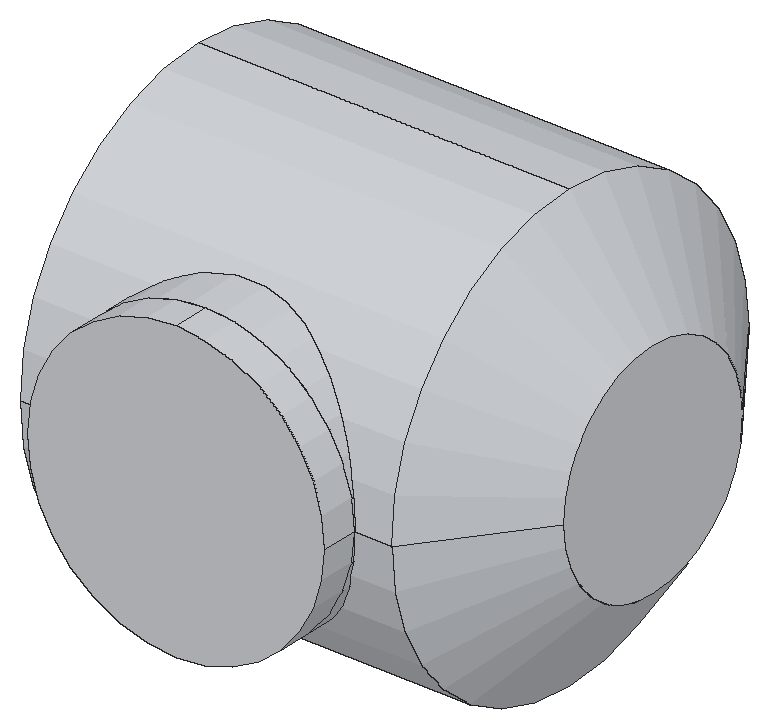
Revit family "M_T redondo com transição - Bullhead", category Conexões de duto, Revit 2019
Family settings
  Cota do conector redondo = Usar raio
  Tipo de parte = Tê
  Número OmniClass = 23.75.70.14
  Título OmniClass = Air Ductwork
  ID de item do Seek = Round Tee with Transition - Bullhead-0000-CAN-ENU
  Com base no plano de trabalho = Não
  Sempre na vertical = Sim
  Corte com vazios quando carregada = Não
  Compartilhado = Não
Parameters (values of type "Padrão")
  Raio do meio [instance] = Raio do duto 3 - abs(Diâmetro do duto 3 / 2 - Raio do meio 1) / Comprimento 1 * Raio da base do duto  # 100 mm
  Raio do meio 2 [instance] = Diâmetro do duto 3 / 2 - abs(Diâmetro do duto 3 / 2 - Raio do meio 1) / Comprimento 1 * Comprimento 2  # 100 mm
  Comprimento 2 [instance] = Raio da base do duto  # 150 mm
  Comprimento 1 [instance] = Raio da base do duto  # 150 mm
  Raio do meio 1 [instance] = if(Diâmetro da base do duto / 2 > Diâmetro do duto 3 / 2, Diâmetro do duto 3 / 2, Diâmetro da base do duto / 2)  # 100 mm
  Raio do duto 3 [instance] = 100 mm
  Raio do duto 2 [instance] = 75 mm
  Raio do duto 1 [instance] = 50 mm
  Comprimento do duto 3 [instance] = Diâmetro da base do duto / 2 + 25 mm  # 175 mm
  Comprimento [instance] = abs(2 * (Raio do duto 1 - Raio do duto 2)) + 6 mm  # 56 mm
  Comprimento do duto 1 [instance] = Diâmetro do duto 3 / 2 + 25 mm  # 125 mm
  Diâmetro do duto 3 [instance] = 2 * Raio do duto 3  # 200 mm
  Diâmetro do duto 2 [instance] = 2 * Raio do duto 2  # 150 mm
  Diâmetro do duto 1 [instance] = 2 * Raio do duto 1  # 100 mm
  Raio da base do duto [instance] = 150 mm
  Diâmetro da base do duto [instance] = 2 * Raio da base do duto  # 300 mm
Reference planes
  plane 1 "Centro (Frente/Trás)": y = 0
  plane 2: z = 0
  plane 3 "Centro (Esquerda/Direita)": x = 0
  plane 4: x = -125
  plane 5: x = 125
  plane 6: y = -175
  plane 7: x = 181
  plane 8: x = -181
  plane 9: y = -150
  plane 10: y = -150
  plane 11: y = -150
Forms (mm)
  Sweep 1, solid, detail levels medium+fine
    path in 3D
      loop
        line (-125, 0, 0) -> (125, 0, 0)
    profile "M_Duto - Redondo : Duto - Base redonda" origin (0, 0, 0) x (0, 1, 0) y (0, 0, 1)
      loop
        arc (-150, 0) -> (-106.066, -106.066) -> (0, -150) r 150
        arc (0, -150) -> (106.066, -106.066) -> (150, 0) r 150
        arc (150, 0) -> (106.066, 106.066) -> (0, 150) r 150
        arc (0, 150) -> (-106.066, 106.066) -> (-150, 0) r 150
  Blend 2, solid, detail levels medium+fine
    base sketch origin (0, 0, 0) x (0, 1, 0) y (0, 0, 1)
      loop
        circle (0, 0) r 150
    top sketch origin (0, 0, 0) x (0, 1, 0) y (0, 0, 1)
      loop
        circle (0, 0) r 50
    from -125 to -181
  Blend 3, solid, detail levels medium+fine
    base sketch origin (0, 0, 0) x (0, 1, 0) y (0, 0, 1)
      loop
        circle (0, 0) r 150
    top sketch origin (0, 0, 0) x (0, 1, 0) y (0, 0, 1)
      loop
        circle (0, 0) r 75
    from 125 to 181
  Sweep 4, solid, detail levels medium+fine
    path in 3D
      loop
        line (0, -150, 0) -> (0, -175, 0)
    profile "M_Duto - Redondo : Duto - Redondo 3" origin (0, -162.5, 0) x (1, 0, 0) y (0, 0, 1)
      loop
        arc (-100, 0) -> (-70.711, -70.711) -> (0, -100) r 100
        arc (0, -100) -> (70.711, -70.711) -> (100, 0) r 100
        arc (100, 0) -> (70.711, 70.711) -> (0, 100) r 100
        arc (0, 100) -> (-70.711, 70.711) -> (-100, 0) r 100
  Blend 5, solid, detail levels medium+fine
    base sketch origin (0, 0, 0) x (1, 0, 0) y (0, 0, 1)
      loop
        circle (0, 0) r 100
    top sketch origin (0, 0, 0) x (1, 0, 0) y (0, 0, 1)
      loop
        circle (0, 0) r 100
    from 150 to 0
Cuts and joins
  joined: Sweep 1, Blend 2, Blend 3, Sweep 4, Blend 5
Lines and regions (mm)
  reference lines
    curve 1: line (-125, 0, 0) -> (125, 0, 0)
    curve 2: line (0, -175, 0) -> (0, 0, 0)
    curve 8: line (0, -150, 0) -> (0, -175, 0)
    curve 9: line (0, -150, 0) -> (0, -175, 0)
    curve 10: line (0, -150, 0) -> (0, -175, 0)
  sketch lines
    curve 3: line (-125, 0, 0) -> (125, 0, 0)
    curve 11: line (0, -150, 0) -> (0, -175, 0)
  model lines, style "DuctFitting", detail levels coarse
    curve 4: line (-125, 0, 0) -> (125, 0, 0)
    curve 5: line (0, -175, 0) -> (0, 0, 0)
    curve 6: line (-181, 0, 0) -> (-125, 0, 0)
    curve 7: line (125, 0, 0) -> (181, 0, 0)
Dimensions and locks
  "Comprimento do duto 3": plane 6 to plane 1 "Centro (Frente/Trás)"
  "Comprimento do duto 1": plane 4 to plane 3 "Centro (Esquerda/Direita)"
  "Comprimento do duto 1": plane 3 "Centro (Esquerda/Direita)" to plane 5
  "Comprimento": plane 5 to plane 7
  "Comprimento": plane 8 to plane 4
  "Comprimento 1": plane 1 "Centro (Frente/Trás)" to plane 9
  "Raio da base do duto": plane 1 "Centro (Frente/Trás)" to plane 10
  "Comprimento 2": plane 1 "Centro (Frente/Trás)" to plane 11
  "Raio da base do duto": radius of Blend 2 sketch curve
  "Raio do duto 1": radius of Blend 2 sketch curve
  "Raio da base do duto": radius of Blend 3 sketch curve
  "Raio do duto 2": radius of Blend 3 sketch curve
  "Raio do duto 3": radius of Blend 5 sketch curve
  "Raio do meio": radius of Blend 5 sketch curve
  aligned and locked: plane 4 to curve 1
  aligned and locked: plane 5 to curve 1
  aligned and locked: plane 1 "Centro (Frente/Trás)" to curve 1
  aligned and locked: plane 1 "Centro (Frente/Trás)" to curve 2
  aligned and locked: plane 6 to curve 2
  aligned and locked: curve 2 to plane 3 "Centro (Esquerda/Direita)"
  aligned and locked: curve 5 to curve 2
  aligned and locked: plane 6 to curve 5
  aligned and locked: plane 1 "Centro (Frente/Trás)" to curve 4
  aligned and locked: plane 2 to Blend 2 sketch curve  (x2)
  aligned and locked: plane 1 "Centro (Frente/Trás)" to Blend 2 sketch curve  (x2)
  aligned and locked: Blend 2 to plane 4
  aligned and locked: Blend 2 to plane 8
  aligned and locked: plane 8 to curve 6
  aligned and locked: plane 4 to curve 6
  aligned and locked: plane 1 "Centro (Frente/Trás)" to curve 6
  aligned and locked: plane 5 to curve 7
  aligned and locked: plane 7 to curve 7
  aligned and locked: plane 1 "Centro (Frente/Trás)" to curve 7
  aligned and locked: plane 2 to Blend 3 sketch curve  (x2)
  aligned and locked: plane 1 "Centro (Frente/Trás)" to Blend 3 sketch curve  (x2)
  aligned and locked: plane 7 to Blend 3
  aligned and locked: Blend 3 to plane 5
  aligned and locked: plane 9 to curve 8
  aligned and locked: plane 6 to curve 8
  aligned and locked: curve 8 to plane 3 "Centro (Esquerda/Direita)"
  aligned and locked: plane 10 to curve 9
  aligned and locked: plane 6 to curve 9
  aligned and locked: curve 9 to plane 3 "Centro (Esquerda/Direita)"
  aligned and locked: plane 11 to curve 10
  aligned and locked: plane 6 to curve 10
  aligned and locked: curve 10 to plane 3 "Centro (Esquerda/Direita)"
  aligned and locked: plane 2 to Blend 5 sketch curve  (x2)
  aligned and locked: plane 3 "Centro (Esquerda/Direita)" to Blend 5 sketch curve  (x2)
  aligned and locked: Blend 5 to plane 10
  aligned and locked: Blend 5 to plane 1 "Centro (Frente/Trás)"
Connectors
  hvac at (-181, 0, 0), driven by "Raio do duto 1"
    settings: on cut or joined group of Sweep 1, Blend 2, Blend 3, Sweep 4, Blend 5, index 1, duct flow 0.0 L/s, flow factor 0, pres drop 0.0 Pa, loss coef 0, conn angle 0.00°, conn width 304.8 mm, conn height 304.8 mm, conn diameter 100 mm, duct sys type 28, conn prof type 0, flow config 0, flow direction 0, loss method 0, conn ref index 2, conn util no, is conn primary yes, conn desc ""
  hvac at (181, 0, 0), driven by "Raio do duto 2"
    settings: on cut or joined group of Sweep 1, Blend 2, Blend 3, Sweep 4, Blend 5, index 2, duct flow 0.0 L/s, flow factor 0, pres drop 0.0 Pa, loss coef 0, conn angle 0.00°, conn width 304.8 mm, conn height 304.8 mm, conn diameter 150 mm, duct sys type 28, conn prof type 0, flow config 0, flow direction 0, loss method 0, conn ref index 1, conn util no, is conn primary no, conn desc ""
  hvac at (0, -175, 0), driven by "Raio do duto 3"
    settings: on cut or joined group of Sweep 1, Blend 2, Blend 3, Sweep 4, Blend 5, index 3, duct flow 0.0 L/s, flow factor 0, pres drop 0.0 Pa, loss coef 0, conn angle 0.00°, conn width 304.8 mm, conn height 304.8 mm, conn diameter 200 mm, duct sys type 28, conn prof type 0, flow config 0, flow direction 0, loss method 0, conn ref index -1, conn util no, is conn primary no, conn desc ""
